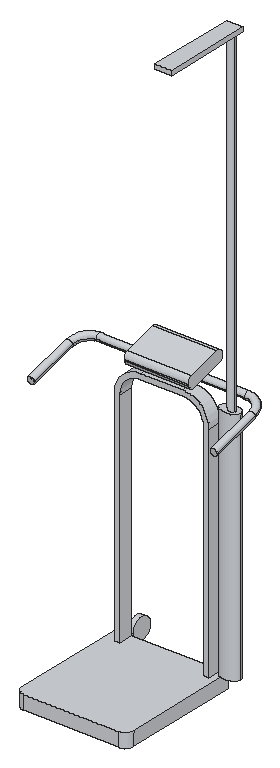
Revit family "MX808", category Specialty Equipment, Revit 2021
Family settings
  Round Connector Dimension = Use Diameter
  Part Type = Normal
  Work Plane-Based = No
  Always vertical = Yes
  Cut with Voids When Loaded = No
  Shared = No
  Room Calculation Point = No
Parameters
  width = 16.0"
  to wall = 3.32"
  OA HGT = 43.398"
  Height from Floor = 41.5"
  Height Rod Max = 86.14"
  Handlebar width = 27.24"
  Default Elevation = 0.0"
Reference planes (in)
  plane 1 "Center (Front/Back)": y = 0
  plane 2: z = 0
  plane 3 "Center (Left/Right)": x = -0.33211
  plane 4: x = -8.33211
  plane 5: x = 7.66789
  plane 6: y = 3.32
  plane 7: z = 41.5
  plane 8: x = -13.95211
  plane 9: x = 13.28789
  plane 10: z = 86.14
  plane 11: y = -17.99534
Forms (in)
  Extrusion 1, solid
    sketch origin (0, 0, 0) x (1, 0, 0) y (0, 1, 0)
      loop
        line (-8.33211, 0) -> (-8.33211, -16.75463)
        arc (-8.33211, -16.75463) -> (-7.966, -17.63851) -> (-7.08211, -18.00463) r 1.25
        line (-7.08211, -18.00463) -> (6.41789, -18.00463)
        arc (6.41789, -18.00463) -> (7.30177, -17.63851) -> (7.66789, -16.75463) r 1.25
        line (7.66789, -16.75463) -> (7.66789, 0) -> (-8.33211, 0)
    from 0 to 2
  Extrusion 2, solid
    sketch origin (0, 22.41669, -5.42779) x (0, 0.965926, 0.258819) y (0, -0.258819, 0.965926)
      loop
        arc (-12.46516, 50.60116) -> (-12.99549, 50.38149) -> (-13.21516, 49.85116) r 0.75
        line (-13.21516, 49.85116) -> (-13.21516, 49.63415)
        arc (-13.21516, 49.63415) -> (-12.99549, 49.10382) -> (-12.46516, 48.88415) r 0.75
        line (-12.46516, 48.88415) -> (-7.82644, 48.88415)
        arc (-7.82644, 48.88415) -> (-7.29611, 49.10382) -> (-7.07644, 49.63415) r 0.75
        line (-7.07644, 49.63415) -> (-7.07644, 49.85116)
        arc (-7.07644, 49.85116) -> (-7.29611, 50.38149) -> (-7.82644, 50.60116) r 0.75
        line (-7.82644, 50.60116) -> (-12.46516, 50.60116)
    from 4.63774 to -4.5
  Sweep 3, solid
    path origin (0.20475, 0, 0) x (1, 0, 0) y (0, 0, 1)
      loop
        line (-6.33211, 2) -> (-6.33211, 33.76)
        arc (-6.33211, 33.76) -> (-5.45343, 35.88132) -> (-3.33211, 36.76) r 3
        line (-3.33211, 36.76) -> (2.66789, 36.76)
        arc (2.66789, 36.76) -> (4.78921, 35.88132) -> (5.66789, 33.76) r 3
        line (5.66789, 33.76) -> (5.66789, 2)
    profile origin (-6.12736, 0, 17.88) x (-1, 0, 0) y (0, -1, 0)
      loop
        line (0, 0.05094) -> (0.75, 0.05094) -> (0.75, 2.05094) -> (0, 2.05094) -> (0, 0.05094)
  Extrusion 4, solid
    sketch origin (-0.33211, -1.5741, -0.99843) x (0, 1, 0) y (0, 0, 1)
      loop
        circle (3.32, 3.01497) r 1.5
    from 6.95475 to 6.20475
  Extrusion 5, solid
    sketch origin (-0.33211, -1.54319, -0.99843) x (0, 1, 0) y (0, 0, 1)
      loop
        circle (3.32, 3.01497) r 1.5
    from 6.95475 to 6.20475
  Sweep 6, solid
    path origin (0, 9.69805, 1.58596) x (1, 0, 0) y (0, 0.965926, 0.258819)
      loop
        line (-13.95211, -9) -> (-13.95211, -2)
        arc (-13.95211, -2) -> (-13.07343, 0.12132) -> (-10.95211, 1) r 3
        line (-10.95211, 1) -> (10.28789, 1)
        arc (10.28789, 1) -> (12.40921, 0.12132) -> (13.28789, -2) r 3
        line (13.28789, -2) -> (13.28789, -9)
    profile origin (-13.95211, 4.38546, 0.16246) x (-1, 0, 0) y (0, -0.258819, 0.965926)
      loop
        circle (-0.54535, 38) r 0.5
  Extrusion 7, solid
    sketch origin (-0.33211, -1.45451, -0.94782) x (0, 1, 0) y (0, 0, 1)
      loop
        circle (3.32, 3.01497) r 1.5
    from -5.79525 to -6.54525
  Extrusion 8, solid
    sketch origin (0, 0, 0) x (1, 0, 0) y (0, 1, 0)
      loop
        spline (10.90286, -1.71371) -> (10.85175, -1.45489) -> (10.7019, -1.21371) -> (10.46352, -1.0066) -> (10.15286, -0.84768) -> (9.79109, -0.74778) -> (9.40286, -0.71371) -> (9.01463, -0.74778) -> (8.65286, -0.84768) -> (8.3422, -1.0066) -> (8.10383, -1.21371) -> (7.95397, -1.45489) -> (7.90286, -1.71371)
        spline (7.90286, -1.71371) -> (7.95397, -1.97253) -> (8.10383, -2.21371) -> (8.3422, -2.42082) -> (8.65286, -2.57973) -> (9.01463, -2.67963) -> (9.40286, -2.71371) -> (9.79109, -2.67963) -> (10.15286, -2.57973) -> (10.46352, -2.42082) -> (10.7019, -2.21371) -> (10.85175, -1.97253) -> (10.90286, -1.71371)
    from 3.06569 to 37.17789
  Extrusion 9, solid
    sketch origin (0.21786, 0, 0) x (1, 0, 0) y (0, 1, 0)
      loop
        circle (9.28581, -1.61389) r 0.5
    from 4.20492 to 85.48555
  Extrusion 10, solid
    sketch origin (-0.33211, 0, 0) x (0, 1, 0) y (0, 0, 1)
      loop
        line (-13.5, 86.14) -> (-13.5, 85.48555) -> (-0.78399, 85.48555) -> (-0.78399, 86.14) -> (-13.5, 86.14)
    from 8.41091 to 10.81062
Cuts and joins
  joined: Extrusion 1, Sweep 3
Dimensions and locks (in)
  equal spacing: plane 4, plane 3 "Center (Left/Right)", plane 5
  "width": plane 4 to plane 5
  "to wall": plane 6 to plane 1 "Center (Front/Back)"
  "Height from Floor": plane 7 to level
  equal spacing: plane 8, plane 3 "Center (Left/Right)", plane 9
  "Handlebar width": plane 8 to plane 9
  "Height Rod Max": plane 10 to level
  plane 11 to plane 6 = 21.31534"
  radius of Extrusion 4 sketch curve = 1.5"
  radius of Extrusion 5 sketch curve = 1.5"
  radius of Sweep 6 sketch curve = 3.0"
  radius of Sweep 6 sketch curve = 0.5"
  radius of Extrusion 7 sketch curve = 1.5"
  aligned and locked: level to plane 2
  aligned and locked: Sweep 3 to Sweep 3
Automatic sketch dimensions
  plane 1 "Center (Front/Back)" to Extrusion 1 sketch curve = 0.0"
  Extrusion 1 sketch curve to plane 4 = 0.0"
  Extrusion 1 sketch curve to plane 5 = 0.0"
  Extrusion 1 sketch curve to Extrusion 1 sketch curve = 1.25"
  Extrusion 1 sketch curve to plane 5 = 1.25"
  plane 1 "Center (Front/Back)" to Extrusion 1 sketch curve = 16.75463"
  Extrusion 2 sketch curve to plane 7 = 2.40522"
  plane 1 "Center (Front/Back)" to Extrusion 2 sketch curve = 3.19443"
  Extrusion 2 sketch curve to Extrusion 2 sketch curve = 0.75"  (x2)
  Extrusion 2 sketch curve to Extrusion 2 sketch curve = 0.0"  (x2)
  Extrusion 2 sketch curve to Extrusion 2 sketch curve = 4.63872"
  Extrusion 2 sketch curve to Extrusion 2 sketch curve = 0.21701"
  plane 4 to Sweep 3 sketch curve = 2.20475"
  Sweep 3 sketch curve to plane 3 "Center (Left/Right)" = 2.79525"
  plane 3 "Center (Left/Right)" to Sweep 3 sketch curve = 3.20475"
  Sweep 3 sketch curve to plane 5 = 1.79525"
  Sweep 3 sketch curve to plane 7 = 7.74"
  level to Sweep 3 sketch curve = 2.0"  (x2)
  Sweep 3 sketch curve to profile plane = 0.0"
  Sweep 3 sketch curve to profile plane = 0.75"
  plane 1 "Center (Front/Back)" to Sweep 3 sketch curve = 0.05094"
  Sweep 3 sketch curve to Sweep 3 sketch curve = 2.0"
  Extrusion 4 sketch curve to plane 6 = 1.5741"
  level to Extrusion 4 sketch curve = 2.01654"
  Extrusion 5 sketch curve to plane 6 = 1.54319"
  level to Extrusion 5 sketch curve = 2.01654"
  Sweep 6 sketch curve to plane 8 = 0.0"
  Sweep 6 sketch curve to plane 9 = 0.0"
  plane 8 to Sweep 6 sketch curve = 3.0"
  Sweep 6 sketch curve to Sweep 6 sketch curve = 7.0"  (x2)
  profile plane to Sweep 6 sketch curve = 0.54535"
  profile plane to Sweep 6 sketch curve = 38.0"
  Extrusion 7 sketch curve to plane 6 = 1.45451"
  level to Extrusion 7 sketch curve = 2.06715"
  plane 5 to Extrusion 8 sketch curve = 1.73498"
  plane 1 "Center (Front/Back)" to Extrusion 8 sketch curve = 1.71371"
  Extrusion 8 sketch curve to Extrusion 8 sketch curve = 1.5"
  plane 5 to Extrusion 9 sketch curve = 1.83578"
  plane 1 "Center (Front/Back)" to Extrusion 9 sketch curve = 1.61389"
  Extrusion 10 sketch curve to plane 10 = 0.0"
  plane 1 "Center (Front/Back)" to Extrusion 10 sketch curve = 0.78399"
  plane 1 "Center (Front/Back)" to Extrusion 10 sketch curve = 13.5"
  Extrusion 10 sketch curve to plane 10 = 0.65445"
  radius of Extrusion 9 sketch curve = 0.5"
